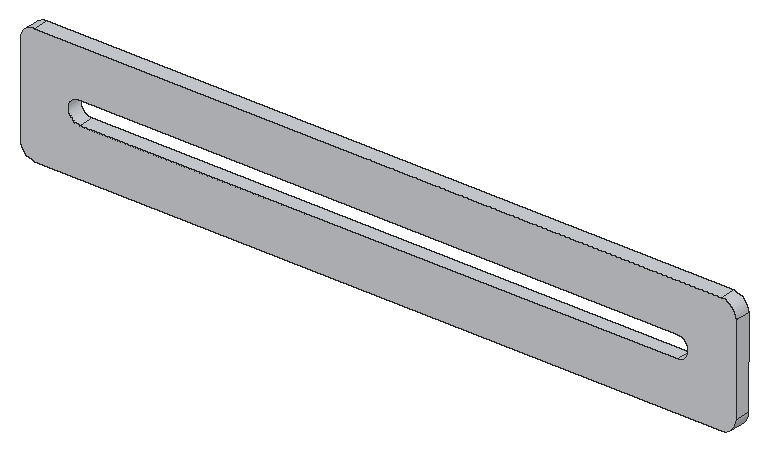
Revit family "RRFRALUSLTO", category Generic Models, Revit 2018
Family settings
  Can host rebar = No
  Round Connector Dimension = Use Diameter
  Part Type = Normal
  Work Plane-Based = Yes
  Always vertical = No
  Cut with Voids When Loaded = No
  Shared = Yes
  Room Calculation Point = No
Parameters (values of type "RRFRALU12SLTO")
  Ship Complete Level [instance] = ""
  Right Slot Offset = 4.000"
  Right Slot Length = 1.000"
  Required Date [instance] = ""
  Post Offset [instance] = 0.000"
  Patent Information = "D649,863"
  Left Slot Length 2 = 1.000"
  Left Slot Length = 10.000"
  Rack Material [instance] = none
  Rack Length = 12.000"
  Job [instance] = ""
  Group/Run [instance] = ""
  Description = "Flat Rack ALU 12 Inch long Slot Only"
  Custom [instance] = ""
  Ctrl Right Offset [instance] = if([1 Slot], 4.000", Right Slot Offset)  # 4.000"
  Default Elevation = 48.000"
  Ctrl Right Slot Length [instance] = if([1 Slot], 1.000", Right Slot Length)  # 1.000"
  Ctrl Left Slot Length [instance] = if([1 Slot], 1.000", Left Slot Length 2)  # 1.000"
  Catalog Number = "RRFRALU12SLTO"
  Assembly Name [instance] = ""
  Assembly ID [instance] = ""
  2 Slots = no
  1 Slot = yes
Types (6): name | Right Slot Offset | Right Slot Length | Left Slot Length 2 | Left Slot Length | Rack Length | Description | Ctrl Right Offset | Ctrl Right Slot Length | Ctrl Left Slot Length | Catalog Number | 2 Slots | 1 Slot
  RRFRALU36SLTO | 18.500" | 16.500" | 16.500" | 16.500" | 36.000" | "Flat Rack ALU 36 Inch long Slot Only" | 18.500" | 16.500" | 16.500" | "RRFRALU36SLTO" | yes | no
  RRFRALU12SLTO | 4.000" | 1.000" | 1.000" | 10.000" | 12.000" | "Flat Rack ALU 12 Inch long Slot Only" | 4.000" | 1.000" | 1.000" | "RRFRALU12SLTO" | no | yes
  RRFRALU18SLTO | 4.000" | 1.000" | 1.000" | 16.000" | 18.000" | "Flat Rack ALU 18 Inch long Slot Only" | 4.000" | 1.000" | 1.000" | "RRFRALU18SLTO" | no | yes
  RRFRALU24SLTO | 4.000" | 1.000" | 1.000" | 22.000" | 24.000" | "Flat Rack ALU 24 Inch long Slot Only" | 4.000" | 1.000" | 1.000" | "RRFRALU24SLTO" | no | yes
  RRFRALU30SLTO | 4.000" | 1.000" | 1.000" | 28.000" | 30.000" | "Flat Rack ALU 30 Inch long Slot Only" | 4.000" | 1.000" | 1.000" | "RRFRALU30SLTO" | no | yes
  RRFRALU48SLTO | 24.500" | 22.500" | 22.500" | 22.500" | 48.000" | "Flat Rack ALU 48 Inch long Slot Only" | 24.500" | 22.500" | 22.500" | "RRFRALU48SLTO" | yes | no
Reference planes (in)
  plane 1 "Center (Front/Back)": y = 0
  plane 2: z = 0
  plane 3 "Center (Left/Right)": x = 0
  plane 4: y = 0
  plane 5 "Right": x = 6
  plane 6 "Left": x = -6
  plane 7 "Top": z = 1
  plane 8 "Front Face": through (0, 5.00048, 6.41469) normal (0, -0.7071, 0.7071)
  plane 9 "Back Face": through (0, -5.08472, 6.49894) normal (0, -0.7071, -0.7071)
  plane 10 "Slot 1 Left": x = -5
  plane 11 "Slot 1 Right": x = 5
  plane 12 "Slot 2 Left": x = -2
  plane 13 "Slot 2 Right": x = -1
  plane 14 "Slot 1 Right2": x = -4
  plane 15 "Rack CL V": z = 0
  plane 16 "Bottom": z = -1
Forms (in)
  Extrusion 1, solid, visible <- "2 Slots"
    sketch origin (0, 0, -1) x (1, 0, 0) y (0, 0, 1)
      loop
        arc (-5.75, 2) -> (-5.92678, 1.92678) -> (-6, 1.75) r 0.25
        line (-6, 1.75) -> (-6, 0.25)
        arc (-6, 0.25) -> (-5.92678, 0.07322) -> (-5.75, 0) r 0.25
        line (-5.75, 0) -> (5.75, 0)
        arc (5.75, 0) -> (5.92678, 0.07322) -> (6, 0.25) r 0.25
        line (6, 0.25) -> (6, 1.75)
        arc (6, 1.75) -> (5.92678, 1.92678) -> (5.75, 2) r 0.25
        line (5.75, 2) -> (-5.75, 2)
      loop
        arc (-5, 1.193) -> (-5.193, 1) -> (-5, 0.807) r 0.193
        line (-5, 0.807) -> (-4, 0.807)
        arc (-4, 0.807) -> (-3.807, 1) -> (-4, 1.193) r 0.193
        line (-4, 1.193) -> (-5, 1.193)
      loop
        arc (-2, 1.193) -> (-2.193, 1) -> (-2, 0.807) r 0.193
        line (-2, 0.807) -> (-1, 0.807)
        arc (-1, 0.807) -> (-0.807, 1) -> (-1, 1.193) r 0.193
        line (-1, 1.193) -> (-2, 1.193)
    from 1.19 to 1.44
  Extrusion 2, solid, visible <- "1 Slot"
    sketch origin (0, 0, -1) x (1, 0, 0) y (0, 0, 1)
      loop
        arc (-5.75, 2) -> (-5.92678, 1.92678) -> (-6, 1.75) r 0.25
        line (-6, 1.75) -> (-6, 0.25)
        arc (-6, 0.25) -> (-5.92678, 0.07322) -> (-5.75, 0) r 0.25
        line (-5.75, 0) -> (5.75, 0)
        arc (5.75, 0) -> (5.92678, 0.07322) -> (6, 0.25) r 0.25
        line (6, 0.25) -> (6, 1.75)
        arc (6, 1.75) -> (5.92678, 1.92678) -> (5.75, 2) r 0.25
        line (5.75, 2) -> (-5.75, 2)
      loop
        arc (-5, 1.193) -> (-5.193, 1) -> (-5, 0.807) r 0.193
        line (-5, 0.807) -> (5, 0.807)
        arc (5, 0.807) -> (5.193, 1) -> (5, 1.193) r 0.193
        line (5, 1.193) -> (-5, 1.193)
    from 1.19 to 1.44
Dimensions and locks (in)
  "Rack Length": plane 6 "Left" to plane 5 "Right"
  equal spacing: plane 6 "Left", plane 3 "Center (Left/Right)", plane 5 "Right"
  locked: Extrusion 1 sketch curve to Extrusion 1 sketch curve at 0.386  (x2)
  equal spacing: Extrusion 1 sketch curve, plane 15 "Rack CL V", Extrusion 1 sketch curve  (x2)
  locked: plane 10 "Slot 1 Left" to plane 6 "Left" at 1
  "Ctrl Right Slot Length": plane 13 "Slot 2 Right" to plane 12 "Slot 2 Left"
  "Left Slot Length": plane 11 "Slot 1 Right" to plane 10 "Slot 1 Left"
  locked: Extrusion 2 sketch curve to Extrusion 2 sketch curve at 0.386
  equal spacing: Extrusion 2 sketch curve, plane 15 "Rack CL V", Extrusion 2 sketch curve
  locked: plane 7 "Top" to plane 16 "Bottom" at 2
  "Ctrl Left Slot Length": plane 14 "Slot 1 Right2" to plane 10 "Slot 1 Left"
  "Ctrl Right Offset": plane 12 "Slot 2 Left" to plane 6 "Left"
  aligned and locked: level to plane 2
  aligned and locked: plane 6 "Left" to Extrusion 1 sketch curve
  aligned and locked: Extrusion 1 sketch curve to plane 5 "Right"
  aligned and locked: plane 14 "Slot 1 Right2" to Extrusion 1 sketch curve
  aligned and locked: plane 15 "Rack CL V" to Extrusion 1 sketch curve  (x4)
  aligned and locked: plane 10 "Slot 1 Left" to Extrusion 1 sketch curve
  aligned and locked: plane 13 "Slot 2 Right" to Extrusion 1 sketch curve
  aligned and locked: plane 12 "Slot 2 Left" to Extrusion 1 sketch curve
  aligned and locked: plane 6 "Left" to Extrusion 2 sketch curve
  aligned and locked: Extrusion 2 sketch curve to plane 5 "Right"
  aligned and locked: plane 11 "Slot 1 Right" to Extrusion 2 sketch curve
  aligned and locked: plane 15 "Rack CL V" to Extrusion 2 sketch curve  (x2)
  aligned and locked: plane 10 "Slot 1 Left" to Extrusion 2 sketch curve
Automatic sketch dimensions
  plane 6 "Left" to Extrusion 1 sketch curve = 0.250"
  Extrusion 1 sketch curve to Extrusion 1 sketch curve = 0.250"
  Extrusion 1 sketch curve to plane 5 "Right" = 0.250"  (x2)
  plane 6 "Left" to Extrusion 2 sketch curve = 0.250"
  Extrusion 2 sketch curve to Extrusion 2 sketch curve = 0.250"
  Extrusion 2 sketch curve to plane 5 "Right" = 0.250"  (x2)
  Extrusion 1 sketch curve to level = 0.750"
  level to Extrusion 1 sketch curve = 0.750"
  Extrusion 2 sketch curve to level = 0.750"
  level to Extrusion 2 sketch curve = 0.750"
